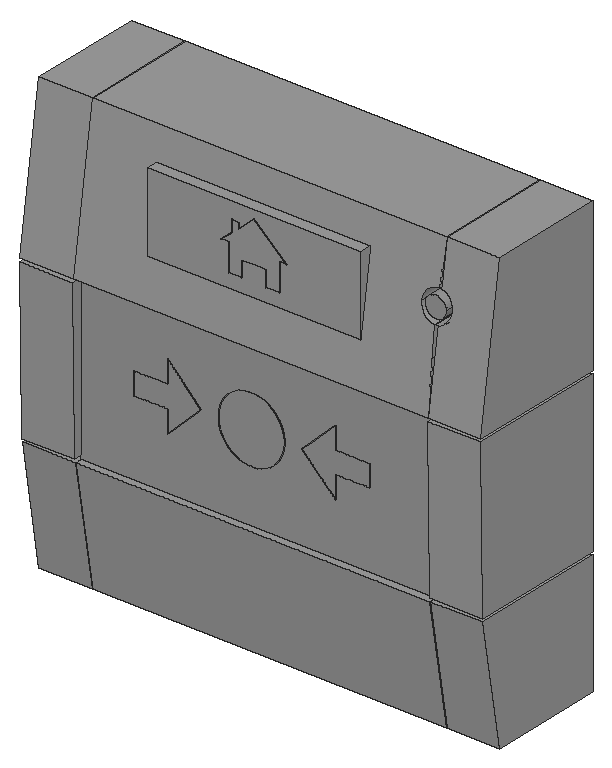
Revit family "DC M700-KACI FC", category Fire Alarm Devices, Revit 2014
Parameters (values of type "Notifier by Honeywell M700 Addressable Call Point M700KACI-FG")
  Zone number = ""
  URL = "www.notifierfiresystems.co.uk"
  Type Comments = ""
  Tel No. = "+44 (0) 1273 897000"
  Product Code = "M700KACI-FG"
  Model = "M700 MCP"
  Manufacturer = "Notifier by Honeywell"
  Loop number = ""
  Fax No. = "+44 (0) 1273 376894"
  Email = "sales@notifierfiresystems.co.uk"
  Detector number = ""
  Description = "Addressable Manual Call Point"
  Control Panel name = ""
  Assembly Code = "D4090900"
  Address line 1 = "Caburn House, Brooks Road, Lewes, E. Sussex BN7 2BY, UK"
Reference planes
  plane 1 "Center (Front/Back)": y = 0
  plane 2: z = 0
  plane 3 "Center (Left/Right)": x = 0
  plane 4: z = -46.5
  plane 5: z = 46.5
  plane 6: y = -73.006
  plane 7: y = -45.506
  plane 8: y = -0.006
  plane 9: z = -46.5
  plane 10: z = 46.5
  plane 11: y = -73.006
  plane 12: y = -45.506
  plane 13: z = -46.5
  plane 14: z = 46.5
  plane 15: y = -73.006
  plane 16: y = -45.506
Forms (mm)
  Extrusion 1, solid, material "Red"
    sketch origin (44.5, -73.006, -6.5) x (0, -1, 0) y (0, 0, 1)
      loop
        arc (-7.812, -40) -> (-2.268, 6.5) -> (-7.812, 53) r 197.754
        line (-7.812, 53) -> (-32.306, 53) -> (-32.306, -40) -> (-7.812, -40)
    from 7 to 82
  Extrusion 2, void
    sketch origin (44.5, -73.006, -2.75) x (-1, 0, 0) y (0, 0, 1)
      loop
        line (7, 17.119) -> (7, -17.881) -> (82, -17.881) -> (82, 17.119) -> (7, 17.119)
    from -10.212 to 4.974
  Extrusion 3, solid, material "UHMW, White"
    sketch origin (0, 0, 3.75) x (1, 0, 0) y (0, 0, 1)
      loop
        line (-37.5, 10.619) -> (-37.5, -24.381) -> (37.5, -24.381) -> (37.5, 10.619) -> (-37.5, 10.619)
      loop
        circle (-1.415, -6.112) r 7.019
      loop
        line (-12.089, -6.112) -> (-19.16, 0.96) -> (-19.16, -3.772) -> (-26.419, -3.772) -> (-26.419, -6.112) -> (-26.419, -8.451) -> (-19.16, -8.451) -> (-19.16, -13.183) -> (-12.089, -6.112)
      loop
        line (9.26, -6.112) -> (16.331, -13.183) -> (16.331, -8.451) -> (23.59, -8.451) -> (23.59, -6.112) -> (23.59, -3.772) -> (16.331, -3.772) -> (16.331, 0.96) -> (9.26, -6.112)
    from 40.7 to 68.204
  Extrusion 4, solid, material "UHMW, Black"
    sketch origin (0, 0, 3.75) x (1, 0, 0) y (0, 0, 1)
      loop
        circle (-1.415, -6.112) r 7.019
      loop
        line (-12.089, -6.112) -> (-19.16, 0.96) -> (-19.16, -3.772) -> (-26.419, -3.772) -> (-26.419, -6.112) -> (-26.419, -8.451) -> (-19.16, -8.451) -> (-19.16, -13.183) -> (-12.089, -6.112)
      loop
        line (9.26, -6.112) -> (16.331, -13.183) -> (16.331, -8.451) -> (23.59, -8.451) -> (23.59, -6.112) -> (23.59, -3.772) -> (16.331, -3.772) -> (16.331, 0.96) -> (9.26, -6.112)
    from 40.7 to 68.204
  Extrusion 5, solid, material "Red"
    sketch origin (-44.166, -13.437, -43.457) x (1, 0, 0) y (0, 0, 1)
      loop
        line (21.666, 83.707) -> (21.666, 66.687) -> (66.666, 66.687) -> (66.666, 83.707) -> (21.666, 83.707)
      loop
        line (41.598, 69.852) -> (41.598, 73.203) -> (44.166, 73.203) -> (46.734, 73.203) -> (46.734, 69.852) -> (49.535, 69.852) -> (49.535, 75.704) -> (51.136, 75.704) -> (44.166, 81.979) -> (40.87, 79.011) -> (40.87, 80.307) -> (39.522, 80.307) -> (39.522, 77.797) -> (37.197, 75.704) -> (38.797, 75.704) -> (38.797, 69.852) -> (41.598, 69.852)
    from 48.837 to 55.872
  Extrusion 6, solid, material "Black"
    sketch origin (-44.166, -13.437, -43.457) x (1, 0, 0) y (0, 0, 1)
      loop
        line (41.598, 69.852) -> (41.598, 73.203) -> (44.166, 73.203) -> (46.734, 73.203) -> (46.734, 69.852) -> (49.535, 69.852) -> (49.535, 75.704) -> (51.136, 75.704) -> (44.166, 81.979) -> (40.87, 79.011) -> (40.87, 80.307) -> (39.522, 80.307) -> (39.522, 77.797) -> (37.197, 75.704) -> (38.797, 75.704) -> (38.797, 69.852) -> (41.598, 69.852)
    from 48.837 to 55.872
  Extrusion 7, solid, material "Red"
    sketch origin (44.5, -73.006, -6.5) x (0, -1, 0) y (0, 0, 1)
      loop
        arc (-7.812, -40) -> (-5.15, -27.14) -> (-3.347, -14.131) r 197.754
        line (-3.347, -14.131) -> (-32.306, -14.131) -> (-32.306, -40) -> (-7.812, -40)
      loop
        line (-7.812, 53) -> (-32.306, 53) -> (-32.306, 20.869) -> (-2.79, 20.869)
        arc (-2.79, 20.869) -> (-4.64, 37.038) -> (-7.812, 53) r 197.754
      loop
        arc (-3.281, -13.493) -> (-2.293, 3.357) -> (-2.745, 20.23) r 197.754
        line (-2.745, 20.23) -> (-32.306, 20.23) -> (-32.306, -13.493) -> (-3.281, -13.493)
    from -4.25 to 7
  Extrusion 8, solid, material "Red"
    sketch origin (-41.75, -73.006, -6.5) x (0, -1, 0) y (0, 0, 1)
      loop
        arc (-7.812, -40) -> (-5.15, -27.14) -> (-3.347, -14.131) r 197.754
        line (-3.347, -14.131) -> (-32.306, -14.131) -> (-32.306, -40) -> (-7.812, -40)
      loop
        line (-7.812, 53) -> (-32.306, 53) -> (-32.306, 20.869) -> (-2.79, 20.869)
        arc (-2.79, 20.869) -> (-4.64, 37.038) -> (-7.812, 53) r 197.754
      loop
        arc (-3.281, -13.493) -> (-2.293, 3.357) -> (-2.745, 20.23) r 197.754
        line (-2.745, 20.23) -> (-32.306, 20.23) -> (-32.306, -13.493) -> (-3.281, -13.493)
    from -4.25 to 7
  Extrusion 9, void
    sketch origin (-18.096, -13.437, -44.123) x (1, 0, 0) y (0, 0, 1)
      loop
        circle (55.596, 78.603) r 3.24
    from 48.837 to 55.872
  Extrusion 10, solid, material "UHMW, White"
    sketch origin (-18.096, -13.437, -44.123) x (1, 0, 0) y (0, 0, 1)
      loop
        circle (55.596, 78.603) r 2.24
    from 48.837 to 54.595
Cuts and joins
  Extrusion 2, Extrusion 9 cuts Extrusion 1
  Extrusion 9 cuts Extrusion 7
Lines and regions (mm)
  symbolic lines
    curve 1: circle (0, -100.006, 0) r 100 normal (0, 0, 1)
    curve 2: circle (0, -100.006, 0) r 40 normal (0, 0, 1)
